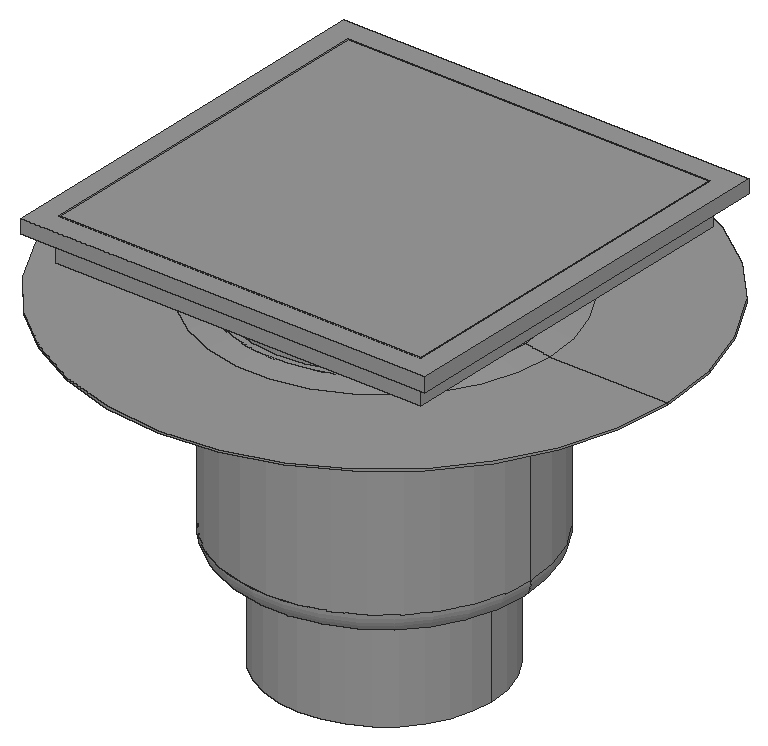
Revit family "ACO AUS Gully 218 Telescopic - Square Top - Vertical Outlet with Adhesive Flange - 300x3005", category Plumbing Fixtures, host Floor, Revit 2014
Parameters (values of type "142196 - Adjustable Height without FAT SS 304")
  Website = "www.acoaus.com.au"
  Watermarked By = "www.acoaus.com.au"
  Water Marked With = "BIM Manager Premium Suite"  # constant formula
  Water Mark 2 = "This file is water marked and users are prohibited to reproduce, adapt, distribute this information"  # constant formula
  Water Mark 1 = "This file is the property of ACO Passavant"  # constant formula
  Waste Connection = no
  Vertical 160 = yes
  Telephone = "+61 (2) 4747 4000"  # constant formula
  Square Size = 300.000 mm
  Seepage Water Removal Pipe End = -if(Square Size = 250.000 mm, 33.500 mm, 25.000 mm)  # -25.000 mm
  Product Type = "Point Drainage"  # constant formula
  Product Range = "ACO Gully 218"  # constant formula
  Product Code 413029 = "N/A"
  Product Code 413028 = "2.0 litre removable strainer - Stainless steel grade 304 - 0.9kg"
  Product Code 408236 = "N/A"
  Product Code 408233 = "N/A"
  Product Code 408226 = "Waterproof bonding flange - Stainless steel grade 304 - 2.5kg"
  Product Code 408223 = "0.7 litre removable strainer - Stainless steel grade 304 - 0.6kg"
  Product Code 142008 = "N/A"
  Product Code 142006 = "N/A"
  Product Code 142005 = "N/A"
  Product Code 142004 = "N/A"
  Product Code 142003 = "N/A"
  Product Code 142002 = "N/A"
  Price = "POA - contact ACO "  # constant formula
  Outlet Height = 74.000 mm
  Outlet Diameter (mm) = "160"  # constant formula
  Outlet = 78.500 mm
  Material = Stainless Steel AISI 304
  Manufacturer = "ACO Polycrete"  # constant formula
  Load Class = "A15 - C250 (EN 1253) and D210 (AS 3996)"  # constant formula
  Gully Weight (Kg) = "5"
  Gully Void Start [instance] = 0.000 mm  # constant formula
  Gully Void End = -244.000 mm
  Gully Top Size (mm) = "To suit 300x300 grates\r\n"  # constant formula
  Gully Top = yes
  Gully Recycled Material Content = "20 - 30 %"  # constant formula
  Gully Recyclable = "Fully Recyclable"  # constant formula
  Gully Product Description = "ACO Gully 218 adjustable height gully with integrated bonding flange - DN160 vertical outlet with square top section without FAT - grade 304"
  Gully Product Code = "142196"
  Gully Material = "Stainless steel grade 304"
  Gully Colour = "passivated stainless steel surface ( matt grey)"  # constant formula
  Grating product Code 416944 = "Load Class M125 (EN 1253) - Cast grate - Slip Resistant - Stainless steel grade 304 - 168x168x25 - 5.6kg"
  Grating product Code 416917 = "N/A"
  Grating product Code 416916 = "Load Class R50 (EN 1253) - Ladder grate - Slip Resistant - Stainless steel grade 304 - 268x268x25 - 3.5kg"
  Grating product Code 408145 = "N/A"
  Grating product Code 408137 = "N/A"
  Grating product Code 142010 = "Load Class L15 (EN 1253) - 5 Star grate -  Slip Resistant - Stainless steel grade 304 - 268x268x25 - 4.1kg"
  Grating Product Code 408141 = "N/A"
  Grating Product Code 408135 = "N/A"
  Grating Product Code 408134 = "N/A"
  Grating Product Code 408045 = "Load Class D210 (EN 1253) - Ladder grate - Plain - Stainless steel grade 304 - 268x268x25 - 6.2kg"
  Grating Product Code 408041 = "Load Class L15 (EN 1253) - Arla grate -  Slip Resistant - Stainless steel grade 304 - 268x268x25 - 1.8kg"
  Grating Product Code 408037 = "Load Class M125 (EN 1253) - Ladder grate - Slip Resistant - Stainless steel grade 304 - 168x168x25 - 4.3kg"
  Grating Product Code 408035 = "Load Class L15 (EN 1253) - Mesh grate - Plain - Stainless steel grade 304 - 268x268x25 - 2.1kg"
  Grating Product Code 408034 = "Load Class L15 (EN 1253) - Mesh grate -  Slip Resistant - Stainless steel grade 304 - 268x268x25 - 2.1kg"
  Foul Air Trap Seal Recycled Material Content = "N/A"
  Foul Air Trap Seal Recyclable = "N/A"
  Foul Air Trap Seal Material = "N/A"
  Foul Air Trap Seal Colour = "N/A"
  Flow Rate (l/s) = "27.1"
  416944 - 268 x 268mm - Cast Grating - Slip Resistant - Stainless Steel 304 [instance] = no
  416917 - 268 x 268mm - Ladder Grating - Slip Resistant - Stainless Steel 316 [instance] = no
  416916 - 268 x 268mm - Ladder Grating - Slip Resistant - Stainless Steel 304 [instance] = no
  413029 - 2.0 litre removable strainer - Stainless Steel 316 [instance] = no
  413028 - 2.0 litre removable strainer - Stainless Steel 304 [instance] = no
  408236 - Waterproof bonding flange - Stainless Steel 316 [instance] = no
  408233 - 0.7 litre removable strainer - Stainless Steel 316 [instance] = no
  408226 - Waterproof bonding flange - Stainless Steel 304 [instance] = no
  Grating 250 x 250mm = Square Size = 300.000 mm  # yes
  Floor to Gully Height [instance] = if(FFL To Gully Top Height > 91.000 mm, 91.000 mm, if(and(FFL To Gully Top Height > 62.000 mm, FFL To Gully Top Height < 92.000 mm), FFL To Gully Top Height, if(FFL To Gully Top Height < 62.000 mm, 62.000 mm, FFL To Gully Top Height)))  # 62.000 mm
  Floor Void End [instance] = -(Floor to Gully Height)  # -62.000 mm
  Fax = "+61 (2) 4747 4029"  # constant formula
  FFL To Gully Top Height [instance] = 50.000 mm
  E-mail Sales = "sales@acoaus.com.au"
  Address = "134-140 Old Bathurst Road, Emu Plains, NSW 2750, Australia\r\n"  # constant formula
  Foul Air Trap & Foul Air Trap Support Ring = no
  408223 - 0.7 litre removable strainer - Stainless Steel 304 [instance] = no
  408145 - 268 x 268mm - Ladder Grating - Plain - Stainless Steel 316 [instance] = no
  408141 - 268 x 268mm - Arla Grating - Slip Resistant - Stainless Steel 316 [instance] = no
  408137 - 268 x 268mm - Ladder Grating - Slip Resistant - Stainless Steel 316 [instance] = no
  408135 - 268 x 268mm - Mesh Grating - Plain - Stainless Steel 316 [instance] = no
  408134 - 268 x 268mm - Mesh Grating - Slip Resistant - Stainless Steel 316 [instance] = no
  408045 - 268 x 268mm - Ladder Grating - Plain - Stainless Steel 304 [instance] = no
  408041 - 268 x 268mm - Arla Grating - Slip Resistant - Stainless Steel 304 [instance] = no
  408037 - 268 x 268mm - Ladder Grating - Slip Resistant - Stainless steel 304 [instance] = no
  408035 - 268 x 268mm - Mesh Grating - Plain - Stainless Steel 304 [instance] = yes
  408034 - 268 x 268mm - Mesh Grating - Slip Resistant - Stainless Steel 304 [instance] = no
  142010 - 268 x 268mm - 5 star Grating - Slip Resistant - Stainless Steel 304 [instance] = no
  142008 - Fixed strainer to suit a 160mm outlet - Stainless Steel 316 [instance] = no
  142006 - Retention chain connecting removable FAT to grate - Stainless Steel 316 [instance] = no
  142005 - Retention chain connecting removable strainer to grate - Stainless Steel 316 [instance] = no
  142004 - Retention chain connecting to FAT to removable strainer -Stainless Steel 316 [instance] = no
  142003 - Retention chain connecting fixed strainer to removable strainer - Stainless Steel 316 [instance] = no
  142002 - Retention chain connecting fixed strainer to FAT - Stainless Steel 316 [instance] = no
Reference planes
  plane 1 "Center (Front/Back)": y = 0
  plane 2: z = 0
  plane 3 "Center (Left/Right)": x = 0
Forms (mm)
  Sweep 1, solid, material "Stainless Steel AISI 304" <- "Material", visible <- "Gully Top"
    path origin (0, 0, 0) x (1, 0, 0) y (0, 1, 0)
      loop
        line (-150, -150) -> (150, -150) -> (150, 150) -> (-150, 150) -> (-150, -150)
    profile origin (-150, 0, 0) x (-1, 0, 0) y (0, 0, 1)
      loop
        line (0, -10.364) -> (0, 0) -> (-16, 0) -> (-16, -29.864) -> (-42, -29.864) -> (-42, -44.35) -> (-100, -44.35) -> (-100, -45.35) -> (-41, -45.35) -> (-41, -30.864) -> (-14.75, -30.864) -> (-14.75, -10.364) -> (0, -10.364)
  Revolve 2, solid, material "Stainless Steel AISI 304" <- "Material", visible <- "Gully Top"
    sketch origin (0, 0, -10) x (1, 0, 0) y (0, 0, 1)
      loop
        arc (-104.105, -35.354) -> (-101.179, -36.797) -> (-99.997, -39.837) r 4.5
        line (-99.997, -39.837) -> (-99.997, -93.864) -> (-98.997, -93.864) -> (-98.997, -39.837)
        arc (-98.997, -39.837) -> (-100.443, -36.132) -> (-104.017, -34.385) r 5.47
        line (-104.017, -34.385) -> (-105.608, -34.35) -> (-105.608, -35.354) -> (-104.105, -35.354)
      axis (0, -93.864) -> (0, -34.35)
    angle from 0 to 360
  Extrusion 3, void
    sketch origin (-50, -50, -44.35) x (-1, 0, 0) y (0, 1, 0)
      loop
        circle (-50, 50) r 105.608
    from 0 to 2
  Extrusion 4, solid, material "Stainless Steel AISI 304" <- "Material", visible <- "Gully Top"
    sketch origin (0, 0, 0) x (1, 0, 0) y (0, 1, 0)
      loop
        line (-134, 134) -> (-134, -134) -> (134, -134) -> (134, 134) -> (-134, 134)
    from 0 to -30
  Extrusion 5, void
    sketch origin (0, 0, 0) x (1, 0, 0) y (0, 1, 0)
      loop
        line (-150, 150) -> (-150, -150) -> (150, -150) -> (150, 150) -> (-150, 150)
    from 0 to -62 <- "Floor Void End"
  Revolve 6, solid, material "Rubber, Nitrile", visible <- "Foul Air Trap & Foul Air Trap Support Ring"
    sketch origin (0, 0, 0) x (1, 0, 0) y (0, 0, 1)
      loop
        line (-90.995, -116.5) -> (-107.493, -116.5) -> (-107.493, -137.5) -> (-90.995, -137.5) -> (-90.995, -132) -> (-85.993, -132) -> (-85.993, -121.482) -> (-90.995, -121.482) -> (-90.995, -116.5)
      axis (0, -137.5) -> (0, -116.5)
    angle from 0 to 360
  Extrusion 7, void
    sketch origin (0, 0, -62) x (0, 1, 0) y (-1, 0, 0)
      loop
        circle (0, 0) r 210
    from 0 <- "Gully Void Start" to -244 <- "Gully Void End"
  Revolve 8, solid, material "Stainless Steel AISI 304" <- "Material", visible <- "Foul Air Trap & Foul Air Trap Support Ring"
    sketch origin (0, 0, 0) x (1, 0, 0) y (0, 0, 1)
      loop
        line (-91, -116.5) -> (-91, -119)
        arc (-91, -119) -> (-90.121, -121.121) -> (-88, -122) r 3
        line (-88, -122) -> (-81.5, -122)
        arc (-81.5, -122) -> (-67.358, -127.858) -> (-61.5, -142) r 20
        line (-61.5, -142) -> (-61.5, -147.036) -> (-60, -147.036) -> (-60, -142)
        arc (-60, -142) -> (-66.297, -126.797) -> (-81.5, -120.5) r 21.5
        line (-81.5, -120.5) -> (-88, -120.5)
        arc (-88, -120.5) -> (-89.061, -120.061) -> (-89.5, -119) r 1.5
        line (-89.5, -119) -> (-89.5, -116.5) -> (-91, -116.5)
      loop
        line (-84, -143.5) -> (-84, -173.5)
        arc (-84, -173.5) -> (-72.577, -201.077) -> (-45, -212.5) r 39
        line (-45, -212.5) -> (0, -212.5) -> (0, -211) -> (-45, -211)
        arc (-45, -211) -> (-71.517, -200.017) -> (-82.5, -173.5) r 37.5
        line (-82.5, -173.5) -> (-82.5, -143.5) -> (-84, -143.5)
      axis (0, -116.5) -> (0, -212.5)
    angle from 0 to 360
Cuts and joins
  Extrusion 3 cuts Sweep 1
Lines and regions (mm)
  model lines, visible <- "Grating 250 x 250mm", not visible
    curve 1: line (625.621, 158.755, 0.136) -> (625.621, -111.745, 0.136)
    curve 2: line (626.621, 158.755, 0.136) -> (626.621, -111.745, 0.136)
    curve 3: line (723.344, 158.755, 0.136) -> (723.344, -111.745, 0.136)
    curve 4: line (724.344, 158.755, 0.136) -> (724.344, -111.745, 0.136)
    curve 5: line (658.195, 158.755, 0.136) -> (658.195, -111.745, 0.136)
    curve 6: line (659.195, 158.755, 0.136) -> (659.195, -111.745, 0.136)
    curve 7: line (690.77, 158.755, 0.136) -> (690.77, -111.745, 0.136)
    curve 8: line (691.77, 158.755, 0.136) -> (691.77, -111.745, 0.136)
    curve 9: line (528.897, 158.755, 0.136) -> (528.897, -111.745, 0.136)
    curve 10: line (527.897, 158.755, 0.136) -> (527.897, -111.745, 0.136)
    curve 11: line (594.046, 158.755, 0.136) -> (594.046, -111.745, 0.136)
    curve 12: line (593.046, 158.755, 0.136) -> (593.046, -111.745, 0.136)
    curve 13: line (561.472, 158.755, 0.136) -> (561.472, -111.745, 0.136)
    curve 14: line (560.472, 158.755, 0.136) -> (560.472, -111.745, 0.136)
    curve 15: line (471.728, 42.147, 0.136) -> (742.228, 42.147, 0.136)
    curve 16: line (471.728, 43.147, 0.136) -> (742.228, 43.147, 0.136)
    curve 17: line (471.728, 139.871, 0.136) -> (742.228, 139.871, 0.136)
    curve 18: line (471.728, 140.871, 0.136) -> (742.228, 140.871, 0.136)
    curve 19: line (471.728, 74.722, 0.136) -> (742.228, 74.722, 0.136)
    curve 20: line (471.728, 75.722, 0.136) -> (742.228, 75.722, 0.136)
    curve 21: line (471.728, 107.296, 0.136) -> (742.228, 107.296, 0.136)
    curve 22: line (471.728, 108.296, 0.136) -> (742.228, 108.296, 0.136)
    curve 23: line (471.728, -54.577, 0.136) -> (742.228, -54.577, 0.136)
    curve 24: line (471.728, -55.577, 0.136) -> (742.228, -55.577, 0.136)
    curve 25: line (471.728, 10.573, 0.136) -> (742.228, 10.573, 0.136)
    curve 26: line (471.728, 9.573, 0.136) -> (742.228, 9.573, 0.136)
    curve 27: line (471.728, -22.002, 0.136) -> (742.228, -22.002, 0.136)
    curve 28: line (471.728, -23.002, 0.136) -> (742.228, -23.002, 0.136)
    curve 29: line (493.322, 158.755, 0.136) -> (493.322, -111.745, 0.136)
    curve 30: line (492.322, 158.755, 0.136) -> (492.322, -111.745, 0.136)
    curve 31: line (471.728, -90.152, 0.136) -> (742.228, -90.152, 0.136)
    curve 32: line (471.728, -91.152, 0.136) -> (742.228, -91.152, 0.136)
  model lines
    curve 33: line (-134, -101.295, 0) -> (134, -101.295, 0)
    curve 34: line (-134, -98.105, 0) -> (134, -98.105, 0)
    curve 35: line (-134, -61.415, 0) -> (134, -61.415, 0)
    curve 36: line (-134, -58.225, 0) -> (134, -58.225, 0)
    curve 37: line (-134, -21.535, 0) -> (134, -21.535, 0)
    curve 38: line (-134, -18.345, 0) -> (134, -18.345, 0)
    curve 39: line (-134, 18.345, 0) -> (134, 18.345, 0)
    curve 40: line (-134, 21.535, 0) -> (134, 21.535, 0)
    curve 41: line (-134, 58.225, 0) -> (134, 58.225, 0)
    curve 42: line (-134, 61.415, -62) -> (134, 61.415, -62)
    curve 43: line (-134, 98.105, 0) -> (134, 98.105, 0)
    curve 44: line (-134, 101.295, 0) -> (134, 101.295, 0)
    curve 45: line (-101.295, 134, 0) -> (-101.295, -134, 0)
    curve 46: line (-98.105, 134, 0) -> (-98.105, -134, 0)
    curve 47: line (-134, 61.415, 0) -> (134, 61.415, 0)
    curve 48: line (-61.415, 134, 0) -> (-61.415, -134, 0)
    curve 49: line (-58.225, 134, 0) -> (-58.225, -134, 0)
    curve 50: line (-21.535, 134, 0) -> (-21.535, -134, 0)
    curve 51: line (-18.345, 134, 0) -> (-18.345, -134, 0)
    curve 52: line (18.345, 134, 0) -> (18.345, -134, 0)
    curve 53: line (21.535, 134, 0) -> (21.535, -134, 0)
    curve 54: line (58.225, 134, 0) -> (58.225, -134, 0)
    curve 55: line (61.415, 134, 0) -> (61.415, -134, 0)
    curve 56: line (98.105, 134, 0) -> (98.105, -134, 0)
    curve 57: line (101.295, 134, 0) -> (101.295, -134, 0)
  model lines, not visible
    curve 58: line (-134, -101.295, -53) -> (134, -101.295, -53)
    curve 59: line (-134, -98.105, -53) -> (134, -98.105, -53)
    curve 60: line (-134, -61.415, -53) -> (134, -61.415, -53)
    curve 61: line (-134, -58.225, -53) -> (134, -58.225, -53)
    curve 62: line (-134, -21.535, -53) -> (134, -21.535, -53)
    curve 63: line (-134, -18.345, -53) -> (134, -18.345, -53)
    curve 64: line (-134, 18.345, -53) -> (134, 18.345, -53)
    curve 65: line (-134, 21.535, -53) -> (134, 21.535, -53)
    curve 66: line (-134, 58.225, -53) -> (134, 58.225, -53)
    curve 67: line (-134, 98.105, -53) -> (134, 98.105, -53)
    curve 68: line (-134, 101.295, -53) -> (134, 101.295, -53)
    curve 69: line (-101.295, 134, -53) -> (-101.295, -134, -53)
    curve 70: line (-98.105, 134, -53) -> (-98.105, -134, -53)
    curve 71: line (-134, 61.415, -53) -> (134, 61.415, -53)
    curve 72: line (-61.415, 134, -53) -> (-61.415, -134, -53)
    curve 73: line (-58.225, 134, -53) -> (-58.225, -134, -53)
    curve 74: line (-21.535, 134, -53) -> (-21.535, -134, -53)
    curve 75: line (-18.345, 134, -53) -> (-18.345, -134, -53)
    curve 76: line (18.345, 134, -53) -> (18.345, -134, -53)
    curve 77: line (21.535, 134, -53) -> (21.535, -134, -53)
    curve 78: line (58.225, 134, -53) -> (58.225, -134, -53)
    curve 79: line (61.415, 134, -53) -> (61.415, -134, -53)
    curve 80: line (98.105, 134, -53) -> (98.105, -134, -53)
    curve 81: line (101.295, 134, -53) -> (101.295, -134, -53)
    curve 82: line (-134, -101.295, 0) -> (134, -101.295, 0)
    curve 83: line (-134, -98.105, 0) -> (134, -98.105, 0)
    curve 84: line (-134, -61.415, 0) -> (134, -61.415, 0)
    curve 85: line (-134, -58.225, 0) -> (134, -58.225, 0)
    curve 86: line (-134, -21.535, 0) -> (134, -21.535, 0)
    curve 87: line (-134, -18.345, 0) -> (134, -18.345, 0)
    curve 88: line (-134, 18.345, 0) -> (134, 18.345, 0)
    curve 89: line (-134, 21.535, 0) -> (134, 21.535, 0)
    curve 90: line (-134, 58.225, 0) -> (134, 58.225, 0)
    curve 91: line (-134, 98.105, 0) -> (134, 98.105, 0)
    curve 92: line (-134, 101.295, 0) -> (134, 101.295, 0)
    curve 93: line (-101.295, 134, 0) -> (-101.295, -134, 0)
    curve 94: line (-98.105, 134, 0) -> (-98.105, -134, 0)
    curve 95: line (-134, 61.415, 0) -> (134, 61.415, 0)
    curve 96: line (-61.415, 134, 0) -> (-61.415, -134, 0)
    curve 97: line (-58.225, 134, 0) -> (-58.225, -134, 0)
    curve 98: line (-21.535, 134, 0) -> (-21.535, -134, 0)
    curve 99: line (-18.345, 134, 0) -> (-18.345, -134, 0)
    curve 100: line (18.345, 134, 0) -> (18.345, -134, 0)
    curve 101: line (21.535, 134, 0) -> (21.535, -134, 0)
    curve 102: line (58.225, 134, 0) -> (58.225, -134, 0)
    curve 103: line (61.415, 134, 0) -> (61.415, -134, 0)
    curve 104: line (98.105, 134, 0) -> (98.105, -134, 0)
    curve 105: line (101.295, 134, 0) -> (101.295, -134, 0)
Dimensions and locks
  equal spacing: Sweep 1 sketch curve, plane 3 "Center (Left/Right)", Sweep 1 sketch curve
  "Square Size": Sweep 1 sketch curve to Sweep 1 sketch curve  (x2)
  equal spacing: Sweep 1 sketch curve, plane 1 "Center (Front/Back)", Sweep 1 sketch curve
  Sweep 1 sketch curve to Sweep 1 sketch curve to Sweep 1 sketch curve to Sweep 1 sketch curve to Sweep 1 sketch curve to Sweep 1 sketch curve = 58.000 mm, 1.000 mm, 25.000 mm, 1.250 mm, 14.750 mm
  Sweep 1 sketch curve to Sweep 1 sketch curve to Sweep 1 sketch curve = 13.487 mm, 1.000 mm
  Sweep 1 sketch curve to Sweep 1 sketch curve = 1.000 mm
  Sweep 1 sketch curve to Sweep 1 sketch curve = 29.864 mm
  Revolve 2 sketch curve to Revolve 2 sketch curve to Revolve 2 sketch curve to Revolve 2 sketch curve to Revolve 2 sketch curve to Revolve 2 sketch curve to Revolve 2 sketch curve = 1.503 mm, 0.087 mm locked, 4.021 mm locked, 0.000 mm locked, 1.000 mm locked, 0.000 mm locked
  Revolve 2 sketch curve to Revolve 2 sketch curve to Revolve 2 sketch curve to Revolve 2 sketch curve to Revolve 2 sketch curve to Revolve 2 sketch curve to Revolve 2 sketch curve = 0.035 mm, 0.969 mm, 0.000 mm, 4.483 mm locked, 0.000 mm locked, 54.026 mm
  locked: cut or joined group of Sweep 1, Extrusion 3 to Revolve 2 at 59.513
  Extrusion 4 to nested 1 = 32.000 mm
  locked: cut or joined group of Sweep 1, Extrusion 3 to Revolve 2 sketch curve at 58.513
  Revolve 6 sketch curve to Revolve 6 sketch curve to Revolve 6 sketch curve to Revolve 6 sketch curve = 4.982 mm locked, 10.518 mm locked, 5.500 mm locked
  equal spacing: Revolve 6 sketch curve, Revolve 6 sketch curve, Revolve 6 sketch curve, Revolve 6 sketch curve
  "FFL To Gully Top Height": host floor to host floor
  Revolve 6 sketch curve to Revolve 6 sketch curve to Revolve 6 sketch curve to Revolve 6 sketch curve = 16.497 mm locked, 0.000 mm locked, 5.003 mm locked
  locked: nested 1 to Revolve 6 sketch curve at 54.5
  Revolve 8 sketch curve to Revolve 8 sketch curve to Revolve 8 sketch curve to Revolve 8 sketch curve to Revolve 8 sketch curve to Revolve 8 sketch curve to Revolve 8 sketch curve to Revolve 8 sketch curve to Revolve 8 sketch curve to Revolve 8 sketch curve to Revolve 8 sketch curve = 2.500 mm locked, 3.000 mm locked, 20.000 mm locked, 0.000 mm locked, 1.500 mm locked, 3.536 mm locked, 26.464 mm locked, 0.000 mm locked, 37.500 mm locked, 1.500 mm locked
  locked: nested 5 to Revolve 8 sketch curve at 150.5
  locked: nested 5 to Revolve 8 at 54.5
  locked: Revolve 6 to nested 4 at 54.5
  aligned and locked: level to plane 2
  aligned and locked: profile plane to Sweep 1 sketch curve
  aligned and locked: Extrusion 3 sketch curve to Revolve 2  (x2)
  aligned and locked: Extrusion 4 sketch curve to cut or joined group of Sweep 1, Extrusion 3  (x4)
  aligned and locked: Extrusion 5 sketch curve to cut or joined group of Sweep 1, Extrusion 3  (x4)
  aligned and locked: nested 2 to cut or joined group of Sweep 1, Extrusion 3
  aligned and locked: plane 3 "Center (Left/Right)" to nested 2
  aligned and locked: nested 3 to cut or joined group of Sweep 1, Extrusion 3
  aligned and locked: nested 3 to plane 1 "Center (Front/Back)"
  aligned and locked: nested 4 to plane 1 "Center (Front/Back)"
  aligned and locked: Extrusion 7 sketch curve to nested 1
  aligned and locked: plane 3 "Center (Left/Right)" to nested 5
  aligned and locked: nested 5 to nested 1
Automatic sketch dimensions
  Revolve 2 sketch curve to level = 0.000 mm
  Revolve 2 sketch curve to plane 3 "Center (Left/Right)" = 0.000 mm
  Revolve 2 sketch curve to plane 3 "Center (Left/Right)" = 98.997 mm
  level to Revolve 2 sketch curve = 25.000 mm
  curve 12 to curve 1 = 0.000 mm
  curve 10 to curve 12 = 0.000 mm
  curve 1 to curve 2 = 0.000 mm  (x2)
  curve 10 to curve 14 = 0.000 mm  (x2)
  curve 2 to curve 3 = 0.000 mm
  curve 14 to curve 13 = 0.000 mm  (x2)
  curve 3 to curve 4 = 0.000 mm  (x2)
  curve 30 to curve 10 = 0.000 mm
  curve 2 to curve 5 = 0.000 mm  (x2)
  curve 30 to curve 29 = 0.000 mm  (x2)
  curve 5 to curve 6 = 0.000 mm  (x2)
  curve 8 to curve 3 = 0.000 mm
  curve 7 to curve 8 = 0.000 mm  (x2)
  curve 12 to curve 11 = 0.000 mm  (x2)
  curve 10 to curve 9 = 0.000 mm  (x2)
  curve 30 to curve 32 = 20.594 mm
  curve 32 to curve 31 = 1.000 mm
  curve 31 to curve 24 = 34.575 mm
  curve 24 to curve 23 = 1.000 mm
  curve 23 to curve 28 = 31.575 mm
  curve 28 to curve 27 = 1.000 mm
  curve 27 to curve 26 = 31.575 mm
  curve 26 to curve 25 = 1.000 mm
  curve 25 to curve 15 = 31.575 mm
  curve 15 to curve 16 = 1.000 mm
  curve 16 to curve 19 = 31.575 mm
  curve 19 to curve 20 = 1.000 mm
  curve 20 to curve 21 = 31.575 mm
  curve 21 to curve 22 = 1.000 mm
  curve 22 to curve 17 = 31.575 mm
  curve 17 to curve 18 = 1.000 mm
  curve 18 to curve 14 = 17.884 mm
  curve 13 to curve 12 = 0.000 mm
  curve 18 to curve 8 = 17.884 mm
  curve 18 to curve 29 = 17.884 mm
  curve 6 to curve 7 = 0.000 mm
  curve 18 to curve 4 = 17.884 mm  (x2)
  curve 15 to curve 32 = 0.000 mm
  curve 17 to curve 15 = 0.000 mm
  curve 18 to curve 17 = 0.000 mm
  curve 19 to curve 15 = 0.000 mm
  curve 20 to curve 19 = 0.000 mm  (x2)
  curve 21 to curve 20 = 0.000 mm  (x2)
  curve 22 to curve 21 = 0.000 mm  (x2)
  curve 23 to curve 32 = 0.000 mm
  curve 24 to curve 23 = 0.000 mm
  curve 25 to curve 15 = 0.000 mm
  curve 26 to curve 25 = 0.000 mm  (x2)
  curve 27 to curve 26 = 0.000 mm  (x2)
  curve 28 to curve 27 = 0.000 mm  (x2)
  curve 31 to curve 32 = 0.000 mm
  curve 16 to curve 15 = 0.000 mm  (x2)
  curve 4 to curve 3 = 1.000 mm
  curve 3 to curve 8 = 31.575 mm
  curve 8 to curve 7 = 1.000 mm
  curve 7 to curve 6 = 31.575 mm
  curve 6 to curve 5 = 1.000 mm
  curve 5 to curve 2 = 31.575 mm
  curve 2 to curve 1 = 1.000 mm
  curve 1 to curve 11 = 31.575 mm
  curve 11 to curve 12 = 1.000 mm
  curve 12 to curve 13 = 31.575 mm
  curve 13 to curve 14 = 1.000 mm
  curve 14 to curve 9 = 31.575 mm
  curve 9 to curve 10 = 1.000 mm
  curve 10 to curve 29 = 34.575 mm
  curve 29 to curve 30 = 1.000 mm
  curve 30 to curve 25 = 20.594 mm
  curve 30 to curve 18 = 20.594 mm
  curve 19 to curve 25 = 0.000 mm
  curve 24 to curve 27 = 0.000 mm
  curve 15 to curve 25 = 0.000 mm
  curve 23 to curve 24 = 0.000 mm
  curve 31 to curve 24 = 0.000 mm
  curve 32 to curve 31 = 0.000 mm
  curve 17 to curve 18 = 0.000 mm
  Revolve 6 sketch curve to level = 0.000 mm
  Revolve 6 sketch curve to plane 3 "Center (Left/Right)" = 0.000 mm
  Revolve 6 sketch curve to plane 3 "Center (Left/Right)" = 85.993 mm
  level to Revolve 6 sketch curve = 25.000 mm
  curve 42 to nested 1 = 61.415 mm
  curve 42 to curve 42 = 268.000 mm
  Sweep 1 sketch curve to level = 0.000 mm
  Sweep 1 sketch curve to level = 10.364 mm
  Revolve 8 sketch curve to Revolve 8 sketch curve = 0.000 mm  (x4)
  Revolve 8 sketch curve to plane 3 "Center (Left/Right)" = 91.000 mm
  Revolve 8 sketch curve to Revolve 8 sketch curve = 1.500 mm
  Revolve 8 sketch curve to Revolve 8 sketch curve = 4.000 mm
  Revolve 8 sketch curve to Revolve 8 sketch curve = 1.000 mm
  Revolve 8 sketch curve to Revolve 8 sketch curve = 45.000 mm
  Revolve 8 sketch curve to Revolve 8 sketch curve = 81.500 mm
  Revolve 8 sketch curve to level = 37.179 mm
  Revolve 8 sketch curve to Revolve 8 sketch curve = 10.000 mm
Nested families
  nested 1: "Vertical Gully Outlet" at (0, 0, 0), type "408057 - Telescopic - Vertical Outlet Ø - 110mm"
  nested 2: "Gully Top Detail Element" at (0, 0, 0) x (1, 0, 0) z (0, -1, 0), visible <- "Gully Top", type "Front & Rare"
  nested 3: "Gully Top Detail Element" at (0, 0, 0) x (0, 1, 0) z (1, 0, 0), visible <- "Gully Top", type "Left &  Right"
  nested 4: "Gully Detail Vertical" at (0, 0, -62) x (0, 1, 0) z (1, 0, 0), visible <- "Vertical 160", type "Vertical Outlet Gully 160"
  nested 5: "Gully Detail Vertical" at (0, 0, -62) x (1, 0, 0) z (0, -1, 0), type "Vertical Outlet Gully 160"
Connectors
  piping at (0, 0, -306), diameter 160
    settings: on nested 1, index 1, connector inside diameter 110 mm, connector length 0.000 mm, flow factor 0, pipe flow 0.0 L/s, pressure drop 0.0 Pa, fitting loss kfactor 0, connector angle 0.00°, fixture units 0, engagement length 0.000 mm, angle of deflection 0.00°, flow configuration 0, flow direction 0, fitting loss method 0, system type 16, joint type 0, gender type 0, connector reference index -1, connector utility 0, adjustable connector no, is connector primary yes, connector description ""
Definition of nested family "Vertical Gully Outlet"
  Parameters (values of type "408057 - Telescopic - Vertical Outlet Ø - 110mm")
    Vertical Void Radius = 78.500 mm
    Vertical Outlet = yes
    Type Comments = "﻿﻿  ﻿         ​    ﻿            ​            ​      ﻿      ﻿   ​     ﻿    ﻿   ​      ﻿​             ﻿         ​  ﻿      ​ ​    ​      ​  ​      ​       ​      ​            ﻿        ​      ﻿      ﻿       ﻿        ​    ​​ ​ ​​​ ​    ​﻿ ​​​         ﻿﻿                          ​﻿                         ﻿     ​                      ​         ​ ﻿       ​   ​              ​       ​  ​               ﻿         ​​                                 ​       ​                 ﻿          ﻿   ​​ ​          ﻿ ​             ﻿﻿"
    Top Plate Radius = 210.000 mm
    Vertical Height from Floor = 62.000 mm
    Outlet Height = 74.000 mm
    Keynote = "﻿﻿  ﻿         ​    ﻿            ​            ​      ﻿      ﻿   ​     ﻿    ﻿   ​      ﻿​             ﻿         ​  ﻿      ​ ​    ​      ​  ​      ​       ​      ​            ﻿        ​      ﻿      ﻿       ﻿        ​    ​​ ​ ​​​ ​    ​﻿ ​​​         ﻿﻿                          ​﻿                         ﻿     ​                      ​         ​ ﻿       ​   ​              ​       ​  ​               ﻿         ​​                                 ​       ​                 ﻿          ﻿   ​​ ​          ﻿ ​             ﻿﻿"
    Gully Height = if(Vertical Outlet, 170.000 mm, 0.000 mm)  # 170.000 mm
    Description = "﻿﻿  ﻿         ​    ﻿            ​            ​      ﻿      ﻿   ​     ﻿    ﻿   ​      ﻿​             ﻿         ​  ﻿      ​ ​    ​      ​  ​      ​       ​      ​            ﻿        ​      ﻿      ﻿       ﻿        ​    ​​ ​ ​​​ ​    ​﻿ ​​​         ﻿﻿                          ​﻿                         ﻿     ​                      ​         ​ ﻿       ​   ​              ​       ​  ​               ﻿         ​​                                 ​       ​                 ﻿          ﻿   ​​ ​          ﻿ ​             ﻿﻿"
    Assembly Code = "D"
  Types (2, lengths in mm): name | Vertical Height from Floor
    408057 - Telescopic - Vertical Outlet Ø - 110mm | 62.000
    408057 - Telescopic - Vertical Outlet Ø - 160mm | 150.000
  Reference planes
    plane 1 "Center (Front/Back)": y = 0
    plane 2: z = 0
    plane 3 "Center (Left/Right)": x = 0
    plane 4: z = -171
  Forms (mm)
    Revolve 1, solid, material "Stainless Steel AISI 304"
      sketch origin (0, 0, 0) x (1, 0, 0) y (0, 0, 1)
        loop
          line (-78.5, -230.5) -> (-92.5, -230.5)
          arc (-92.5, -230.5) -> (-103.107, -226.107) -> (-107.5, -215.5) r 15
          line (-107.5, -215.5) -> (-107.5, -62) -> (-210, -62) -> (-210, -63.5) -> (-109, -63.5) -> (-109, -215.5)
          arc (-109, -215.5) -> (-104.167, -227.167) -> (-92.5, -232) r 16.5
          line (-92.5, -232) -> (-78.5, -232) -> (-78.5, -230.5)
        axis (0, -232) -> (0, -62)
      angle from 0 to 360
    Revolve 2, solid, material "Stainless Steel AISI 304", visible <- "Vertical Outlet"
      sketch origin (0, 0, 0) x (1, 0, 0) y (0, 0, 1)
        loop
          line (-78.5, -306) -> (-78.5, -232) -> (-80, -232) -> (-80, -306) -> (-78.5, -306)
        axis (0, -306) -> (0, -232)
      angle from 0 to 360
    Revolve 3, solid, material "Rubber, Nitrile"
      sketch origin (0, 0, 0) x (1, 0, 0) y (0, 0, 1)
        loop
          line (-122.5, -62) -> (-107.5, -62) -> (-107.5, -83) -> (-100, -83) -> (-100, -59.659) -> (-104.943, -59.659) -> (-122.5, -62)
        axis (0, -83) -> (0, -59.659)
      angle from 0 to 360
  Dimensions and locks
    plane 3 "Center (Left/Right)" to Revolve 1 sketch curve to Revolve 1 sketch curve = 107.500 mm, 1.500 mm locked
    "Vertical Height from Floor": host floor to Revolve 1 sketch curve
    Revolve 1 sketch curve to Revolve 1 sketch curve to Revolve 1 sketch curve to Revolve 1 sketch curve = 0.000 mm locked, 15.000 mm locked, 1.500 mm locked
    "Gully Height": Revolve 1 sketch curve to Revolve 1 sketch curve
    "Vertical Void Radius": plane 3 "Center (Left/Right)" to Revolve 1 sketch curve
    "Outlet Height": Revolve 2 sketch curve to Revolve 2 sketch curve
    locked: Revolve 2 sketch curve to Revolve 2 sketch curve at 1.5
    "Vertical Void Radius": plane 3 "Center (Left/Right)" to Revolve 2 sketch curve
    locked: Revolve 1 to Revolve 2 sketch curve at 1.5
    "Top Plate Radius": plane 3 "Center (Left/Right)" to Revolve 1 sketch curve
    locked: Revolve 1 sketch curve to Revolve 1 sketch curve at 1.5
    locked: Revolve 3 sketch curve to Revolve 3 sketch curve at 15
    locked: Revolve 1 to Revolve 3 at 21
    locked: Revolve 3 sketch curve to Revolve 3 sketch curve at 21
    aligned and locked: level to plane 2
  Automatic sketch dimensions
    Revolve 3 sketch curve to plane 4 = 88.000 mm
    Revolve 3 sketch curve to plane 3 "Center (Left/Right)" = 0.000 mm
    Revolve 3 sketch curve to plane 3 "Center (Left/Right)" = 100.000 mm
    Revolve 3 sketch curve to Revolve 3 sketch curve = 7.500 mm
    Revolve 3 sketch curve to Revolve 3 sketch curve = 2.557 mm
    Revolve 3 sketch curve to level = 39.000 mm
    Revolve 3 sketch curve to level = 14.000 mm
    Revolve 3 sketch curve to Revolve 3 sketch curve = 2.341 mm
    Revolve 1 sketch curve to plane 3 "Center (Left/Right)" = 0.000 mm
    level to Revolve 1 sketch curve = 200.000 mm
    Revolve 1 sketch curve to Revolve 1 sketch curve = 20.000 mm
    Revolve 2 sketch curve to level = 0.000 mm
    Revolve 2 sketch curve to plane 3 "Center (Left/Right)" = 0.000 mm
    level to Revolve 2 sketch curve = 10.000 mm
Definition of nested family "Gully Top Detail Element"
  Parameters (values of type "Front & Rare")
    Type Comments = ""
    Support Moving Domenssion = if(Square Size = 200.000 mm, 86.500 mm, if(Square Size = 300.000 mm, 136.500 mm, 25.000 mm))  # 136.500 mm
    Square Size = 300.000 mm
    L & R = no
    Keynote = ""
    Grating Depth = if(Square Size = 200.000 mm, 25.000 mm, if(Square Size = 300.000 mm, 30.000 mm, 25.000 mm))  # 30.000 mm
    F & R = yes
    Assembly Code = "D"
  Types (2, lengths in mm): name | L & R | F & R
    Front & Rare | no | yes
    Left &  Right | yes | no
  Reference planes
    plane 1 "Center (Front/Back)": y = 0
    plane 2: z = 0
    plane 3 "Center (Left/Right)": x = 0
  Lines and regions (mm)
    detail lines, in view "Ref. Level"
      curve 1: line (-148, 0, 0) -> (148, 0, 0)
      curve 2: line (-150, -10.5, 0) -> (150, -10.5, 0)
      curve 3: line (-150, -10.5, 0) -> (-150, -1, 0)
      curve 4: line (150, -1, 0) -> (150, -10.5, 0)
      curve 5: arc (-148, 0, 0) -> (-149.118, -0.264, 0) -> (-150, -1, 0) r 2.5
      curve 6: arc (148, 0, 0) -> (149.118, -0.264, 0) -> (150, -1, 0) r 2.5
      curve 7: line (-135.25, -31, 0) -> (-135.25, -10.5, 0)
      curve 8: line (135.25, -10.5, 0) -> (135.25, -31, 0)
      curve 9: line (-109, -45.5, 0) -> (-7.794, -45.5, 0)
      curve 11: line (-100, -104, 0) -> (-100, -49.983, 0)
      curve 12: arc (-100, -49.983, 0) -> (-101.182, -46.943, 0) -> (-104.108, -45.5, 0) r 4.5
      curve 13: line (100, -49.983, 0) -> (100, -104, 0)
      curve 14: arc (104.108, -45.5, 0) -> (101.182, -46.943, 0) -> (100, -49.983, 0) r 4.5
      curve 15: line (100, -104, 0) -> (-100, -104, 0)
      curve 16: line (7.794, -45.5, 0) -> (109, -45.5, 0)
      curve 155: line (-7.794, -45.5, 0) -> (7.794, -45.5, 0)
      curve 177: line (-109, -31, 0) -> (-109, -45.5, 0)
      curve 178: line (109, -31, 0) -> (109, -45.5, 0)
      curve 179: line (-135.25, -31, 0) -> (-109, -31, 0)
      curve 180: line (109, -31, 0) -> (135.25, -31, 0)
    detail lines, in view "Ref. Level", detail levels medium+fine
      curve 10: line (-109, -44, 0) -> (-8.485, -44, 0)
      curve 17: line (8.485, -44, 0) -> (109, -44, 0)
      curve 156: line (-8.485, -44, 0) -> (8.485, -44, 0)
    detail lines, in view "Ref. Level", detail levels fine
      curve 18: arc (-12.5, -144.737, 0) -> (0, -150.75, 0) -> (12.5, -144.737, 0) r 16
      curve 19: circle (0, -138.25, 0) r 6 normal (0, 0, 1)
      curve 20: line (12.5, -144.737, 0) -> (12.5, -104, 0)
      curve 21: line (-12.5, -144.737, 0) -> (-12.5, -104, 0)
      curve 82: arc (-182.081, -30.543, 0) -> (-177.485, -32.447, 0) -> (-172.889, -30.543, 0) r 6.5
      curve 83: arc (-201.88, -29.836, 0) -> (-197.991, -31.447, 0) -> (-194.102, -29.836, 0) r 5.5
      curve 84: arc (-202.587, -30.543, 0) -> (-197.991, -32.447, 0) -> (-193.395, -30.543, 0) r 6.5
      curve 85: arc (-223.093, -30.543, 0) -> (-218.497, -32.447, 0) -> (-213.901, -30.543, 0) r 6.5
      curve 86: arc (-223.093, -30.543, 0) -> (-218.497, -32.447, 0) -> (-213.901, -30.543, 0) r 6.5
      curve 87: line (-222.386, -29.836, 0) -> (-224.861, -27.361, 0)
      curve 88: line (-225.568, -28.068, 0) -> (-223.093, -30.543, 0)
      curve 89: arc (-224.861, -27.361, 0) -> (-226.645, -26.169, 0) -> (-228.75, -25.75, 0) r 5.5
      curve 90: arc (-225.568, -28.068, 0) -> (-227.028, -27.093, 0) -> (-228.75, -26.75, 0) r 4.5
      curve 91: line (-253.25, -26.75, 0) -> (-228.75, -26.75, 0)
      curve 92: line (-253.25, -25.75, 0) -> (-228.75, -25.75, 0)
      curve 93: line (-167.232, -26.75, 0) -> (-135.25, -26.75, 0)
      curve 94: arc (-167.232, -26.75, 0) -> (-168.954, -27.093, 0) -> (-170.414, -28.068, 0) r 4.5
      curve 95: arc (-167.232, -25.75, 0) -> (-169.336, -26.169, 0) -> (-171.121, -27.361, 0) r 5.5
      curve 96: line (-172.889, -30.543, 0) -> (-170.414, -28.068, 0)
      curve 97: line (-171.121, -27.361, 0) -> (-173.596, -29.836, 0)
      curve 98: arc (-181.374, -29.836, 0) -> (-177.485, -31.447, 0) -> (-173.596, -29.836, 0) r 5.5
      curve 99: arc (-182.081, -30.543, 0) -> (-177.485, -32.447, 0) -> (-172.889, -30.543, 0) r 6.5
      curve 100: line (-147.25, -26.75, 0) -> (-147.25, -25.75, 0)
      curve 101: line (-184.556, -28.068, 0) -> (-182.081, -30.543, 0)
      curve 102: line (-181.374, -29.836, 0) -> (-183.849, -27.361, 0)
      curve 103: arc (-183.849, -27.361, 0) -> (-187.738, -25.75, 0) -> (-191.627, -27.361, 0) r 5.5
      curve 104: arc (-184.556, -28.068, 0) -> (-187.738, -26.75, 0) -> (-190.92, -28.068, 0) r 4.5
      curve 105: line (-191.627, -27.361, 0) -> (-194.102, -29.836, 0)
      curve 106: line (-193.395, -30.543, 0) -> (-190.92, -28.068, 0)
      curve 107: line (-205.062, -28.068, 0) -> (-202.587, -30.543, 0)
      curve 108: line (-201.88, -29.836, 0) -> (-204.355, -27.361, 0)
      curve 109: arc (-205.062, -28.068, 0) -> (-208.244, -26.75, 0) -> (-211.426, -28.068, 0) r 4.5
      curve 110: arc (-204.355, -27.361, 0) -> (-208.244, -25.75, 0) -> (-212.133, -27.361, 0) r 5.5
      curve 111: line (-212.133, -27.361, 0) -> (-214.608, -29.836, 0)
      curve 112: line (-213.901, -30.543, 0) -> (-211.426, -28.068, 0)
      curve 113: arc (182.081, -30.543, 0) -> (177.485, -32.447, 0) -> (172.889, -30.543, 0) r 6.5
      curve 114: arc (201.88, -29.836, 0) -> (197.991, -31.447, 0) -> (194.102, -29.836, 0) r 5.5
      curve 115: arc (202.587, -30.543, 0) -> (197.991, -32.447, 0) -> (193.395, -30.543, 0) r 6.5
      curve 116: arc (223.093, -30.543, 0) -> (218.497, -32.447, 0) -> (213.901, -30.543, 0) r 6.5
      curve 117: arc (223.093, -30.543, 0) -> (218.497, -32.447, 0) -> (213.901, -30.543, 0) r 6.5
      curve 118: line (222.386, -29.836, 0) -> (224.861, -27.361, 0)
      curve 119: line (225.568, -28.068, 0) -> (223.093, -30.543, 0)
      curve 120: arc (224.861, -27.361, 0) -> (226.645, -26.169, 0) -> (228.75, -25.75, 0) r 5.5
      curve 121: arc (225.568, -28.068, 0) -> (227.028, -27.093, 0) -> (228.75, -26.75, 0) r 4.5
      curve 122: line (167.232, -26.75, 0) -> (135.25, -26.75, 0)
      curve 123: arc (167.232, -26.75, 0) -> (168.954, -27.093, 0) -> (170.414, -28.068, 0) r 4.5
      curve 124: arc (167.232, -25.75, 0) -> (169.336, -26.169, 0) -> (171.121, -27.361, 0) r 5.5
      curve 125: line (172.889, -30.543, 0) -> (170.414, -28.068, 0)
      curve 126: line (171.121, -27.361, 0) -> (173.596, -29.836, 0)
      curve 127: arc (181.374, -29.836, 0) -> (177.485, -31.447, 0) -> (173.596, -29.836, 0) r 5.5
      curve 128: arc (182.081, -30.543, 0) -> (177.485, -32.447, 0) -> (172.889, -30.543, 0) r 6.5
      curve 129: line (147.25, -26.75, 0) -> (147.25, -25.75, 0)
      curve 130: line (184.556, -28.068, 0) -> (182.081, -30.543, 0)
      curve 131: line (181.374, -29.836, 0) -> (183.849, -27.361, 0)
      curve 132: arc (183.849, -27.361, 0) -> (187.738, -25.75, 0) -> (191.627, -27.361, 0) r 5.5
      curve 133: arc (184.556, -28.068, 0) -> (187.738, -26.75, 0) -> (190.92, -28.068, 0) r 4.5
      curve 134: line (191.627, -27.361, 0) -> (194.102, -29.836, 0)
      curve 135: line (193.395, -30.543, 0) -> (190.92, -28.068, 0)
      curve 136: line (205.062, -28.068, 0) -> (202.587, -30.543, 0)
      curve 137: line (201.88, -29.836, 0) -> (204.355, -27.361, 0)
      curve 138: arc (205.062, -28.068, 0) -> (208.244, -26.75, 0) -> (211.426, -28.068, 0) r 4.5
      curve 139: arc (204.355, -27.361, 0) -> (208.244, -25.75, 0) -> (212.133, -27.361, 0) r 5.5
      curve 140: line (212.133, -27.361, 0) -> (214.608, -29.836, 0)
      curve 141: line (213.901, -30.543, 0) -> (211.426, -28.068, 0)
      curve 142: line (-253.25, -25.75, 0) -> (-253.25, -26.75, 0)
      curve 143: line (-247.237, -26.75, 0) -> (-247.237, -25.75, 0)
      curve 146: line (253.25, -26.75, 0) -> (228.75, -26.75, 0)
      curve 147: line (253.25, -25.75, 0) -> (228.75, -25.75, 0)
      curve 148: line (253.25, -25.75, 0) -> (253.25, -26.75, 0)
      curve 149: line (247.237, -26.75, 0) -> (247.237, -25.75, 0)
      curve 157: arc (-222.386, -29.836, 0) -> (-218.497, -31.447, 0) -> (-214.608, -29.836, 0) r 5.5
      curve 159: arc (222.386, -29.836, 0) -> (218.497, -31.447, 0) -> (214.608, -29.836, 0) r 5.5
      curve 161: line (-135.25, -25.75, 0) -> (-167.232, -25.75, 0)
      curve 162: line (-135.25, -26.75, 0) -> (-135.25, -16.75, 0)
      curve 163: line (-136.25, -26.75, 0) -> (-136.25, -16.75, 0)
      curve 164: line (-136.25, -16.75, 0) -> (-135.25, -16.75, 0)
      curve 169: line (135.25, -25.75, 0) -> (167.232, -25.75, 0)
      curve 170: line (135.25, -26.75, 0) -> (135.25, -16.75, 0)
      curve 171: line (136.25, -26.75, 0) -> (136.25, -16.75, 0)
      curve 172: line (135.25, -16.75, 0) -> (136.25, -16.75, 0)
    detail lines, in view "Ref. Level", not visible, detail levels fine
      curve 22: arc (-310.641, -582.151, 0) -> (-306.045, -584.055, 0) -> (-301.449, -582.151, 0) r 6.5
      curve 23: arc (-330.44, -581.444, 0) -> (-326.551, -583.055, 0) -> (-322.662, -581.444, 0) r 5.5
      curve 24: arc (-331.148, -582.151, 0) -> (-326.551, -584.055, 0) -> (-321.955, -582.151, 0) r 6.5
      curve 25: arc (-351.654, -582.151, 0) -> (-347.057, -584.055, 0) -> (-342.461, -582.151, 0) r 6.5
      curve 26: arc (-351.654, -582.151, 0) -> (-347.057, -584.055, 0) -> (-342.461, -582.151, 0) r 6.5
      curve 27: line (-350.947, -581.444, 0) -> (-353.421, -578.969, 0)
      curve 28: line (-354.129, -579.677, 0) -> (-351.654, -582.151, 0)
      curve 29: arc (-353.421, -578.969, 0) -> (-355.206, -577.777, 0) -> (-357.311, -577.359, 0) r 5.5
      curve 30: arc (-354.129, -579.677, 0) -> (-355.588, -578.701, 0) -> (-357.311, -578.359, 0) r 4.5
      curve 31: line (-381.811, -578.359, 0) -> (-357.311, -578.359, 0)
      curve 32: line (-381.811, -577.359, 0) -> (-357.311, -577.359, 0)
      curve 33: line (-295.792, -578.359, 0) -> (-263.811, -578.359, 0)
      curve 34: arc (-295.792, -578.359, 0) -> (-297.514, -578.701, 0) -> (-298.974, -579.677, 0) r 4.5
      curve 35: arc (-295.792, -577.359, 0) -> (-297.897, -577.777, 0) -> (-299.681, -578.969, 0) r 5.5
      curve 36: line (-301.449, -582.151, 0) -> (-298.974, -579.677, 0)
      curve 37: line (-299.681, -578.969, 0) -> (-302.156, -581.444, 0)
      curve 38: arc (-309.934, -581.444, 0) -> (-306.045, -583.055, 0) -> (-302.156, -581.444, 0) r 5.5
      curve 39: arc (-310.641, -582.151, 0) -> (-306.045, -584.055, 0) -> (-301.449, -582.151, 0) r 6.5
      curve 40: line (-275.811, -578.359, 0) -> (-275.811, -577.359, 0)
      curve 41: line (-313.116, -579.677, 0) -> (-310.641, -582.151, 0)
      curve 42: line (-309.934, -581.444, 0) -> (-312.409, -578.969, 0)
      curve 43: arc (-312.409, -578.969, 0) -> (-316.298, -577.359, 0) -> (-320.187, -578.969, 0) r 5.5
      curve 44: arc (-313.116, -579.677, 0) -> (-316.298, -578.359, 0) -> (-319.48, -579.677, 0) r 4.5
      curve 45: line (-320.187, -578.969, 0) -> (-322.662, -581.444, 0)
      curve 46: line (-321.955, -582.151, 0) -> (-319.48, -579.677, 0)
      curve 47: line (-333.622, -579.677, 0) -> (-331.148, -582.151, 0)
      curve 48: line (-330.44, -581.444, 0) -> (-332.915, -578.969, 0)
      curve 49: arc (-333.622, -579.677, 0) -> (-336.804, -578.359, 0) -> (-339.986, -579.677, 0) r 4.5
      curve 50: arc (-332.915, -578.969, 0) -> (-336.804, -577.359, 0) -> (-340.694, -578.969, 0) r 5.5
      curve 51: line (-340.694, -578.969, 0) -> (-343.168, -581.444, 0)
      curve 52: line (-342.461, -582.151, 0) -> (-339.986, -579.677, 0)
      curve 53: arc (-163.368, -582.151, 0) -> (-167.964, -584.055, 0) -> (-172.56, -582.151, 0) r 6.5
      curve 54: arc (-143.569, -581.444, 0) -> (-147.458, -583.055, 0) -> (-151.347, -581.444, 0) r 5.5
      curve 55: arc (-142.862, -582.151, 0) -> (-147.458, -584.055, 0) -> (-152.054, -582.151, 0) r 6.5
      curve 56: arc (-122.356, -582.151, 0) -> (-126.952, -584.055, 0) -> (-131.548, -582.151, 0) r 6.5
      curve 57: arc (-122.356, -582.151, 0) -> (-126.952, -584.055, 0) -> (-131.548, -582.151, 0) r 6.5
      curve 58: line (-123.063, -581.444, 0) -> (-120.588, -578.969, 0)
      curve 59: line (-119.881, -579.677, 0) -> (-122.356, -582.151, 0)
      curve 60: arc (-120.588, -578.969, 0) -> (-118.804, -577.777, 0) -> (-116.699, -577.359, 0) r 5.5
      curve 61: arc (-119.881, -579.677, 0) -> (-118.421, -578.701, 0) -> (-116.699, -578.359, 0) r 4.5
      curve 62: line (-178.217, -578.359, 0) -> (-210.199, -578.359, 0)
      curve 63: arc (-178.217, -578.359, 0) -> (-176.495, -578.701, 0) -> (-175.035, -579.677, 0) r 4.5
      curve 64: arc (-178.217, -577.359, 0) -> (-176.112, -577.777, 0) -> (-174.328, -578.969, 0) r 5.5
      curve 65: line (-172.56, -582.151, 0) -> (-175.035, -579.677, 0)
      curve 66: line (-174.328, -578.969, 0) -> (-171.853, -581.444, 0)
      curve 67: arc (-164.075, -581.444, 0) -> (-167.964, -583.055, 0) -> (-171.853, -581.444, 0) r 5.5
      curve 68: arc (-163.368, -582.151, 0) -> (-167.964, -584.055, 0) -> (-172.56, -582.151, 0) r 6.5
      curve 69: line (-198.199, -578.359, 0) -> (-198.199, -577.359, 0)
      curve 70: line (-160.893, -579.677, 0) -> (-163.368, -582.151, 0)
      curve 71: line (-164.075, -581.444, 0) -> (-161.6, -578.969, 0)
      curve 72: arc (-161.6, -578.969, 0) -> (-157.711, -577.359, 0) -> (-153.822, -578.969, 0) r 5.5
      curve 73: arc (-160.893, -579.677, 0) -> (-157.711, -578.359, 0) -> (-154.529, -579.677, 0) r 4.5
      curve 74: line (-153.822, -578.969, 0) -> (-151.347, -581.444, 0)
      curve 75: line (-152.054, -582.151, 0) -> (-154.529, -579.677, 0)
      curve 76: line (-140.387, -579.677, 0) -> (-142.862, -582.151, 0)
      curve 77: line (-143.569, -581.444, 0) -> (-141.094, -578.969, 0)
      curve 78: arc (-140.387, -579.677, 0) -> (-137.205, -578.359, 0) -> (-134.023, -579.677, 0) r 4.5
      curve 79: arc (-141.094, -578.969, 0) -> (-137.205, -577.359, 0) -> (-133.316, -578.969, 0) r 5.5
      curve 80: line (-133.316, -578.969, 0) -> (-130.841, -581.444, 0)
      curve 81: line (-131.548, -582.151, 0) -> (-134.023, -579.677, 0)
      curve 144: line (-381.811, -577.359, 0) -> (-381.811, -578.359, 0)
      curve 145: line (-375.798, -578.359, 0) -> (-375.798, -577.359, 0)
      curve 150: line (-92.199, -578.359, 0) -> (-116.699, -578.359, 0)
      curve 151: line (-92.199, -577.359, 0) -> (-116.699, -577.359, 0)
      curve 152: line (-92.199, -577.359, 0) -> (-92.199, -578.359, 0)
      curve 153: line (-98.211, -578.359, 0) -> (-98.211, -577.359, 0)
      curve 158: arc (-350.947, -581.444, 0) -> (-347.057, -583.055, 0) -> (-343.168, -581.444, 0) r 5.5
      curve 160: arc (-123.063, -581.444, 0) -> (-126.952, -583.055, 0) -> (-130.841, -581.444, 0) r 5.5
      curve 165: line (-263.811, -577.359, 0) -> (-295.792, -577.359, 0)
      curve 166: line (-263.811, -578.359, 0) -> (-263.811, -568.359, 0)
      curve 167: line (-264.811, -578.359, 0) -> (-264.811, -568.359, 0)
      curve 168: line (-264.811, -568.359, 0) -> (-263.811, -568.359, 0)
      curve 173: line (-210.199, -577.359, 0) -> (-178.217, -577.359, 0)
      curve 174: line (-210.199, -578.359, 0) -> (-210.199, -568.359, 0)
      curve 175: line (-209.199, -578.359, 0) -> (-209.199, -568.359, 0)
      curve 176: line (-210.199, -568.359, 0) -> (-209.199, -568.359, 0)
    detail lines, in view "Ref. Level", detail levels coarse
      curve 154: line (-104.108, -45.5, 0) -> (104.108, -45.5, 0)
Definition of nested family "Gully Detail Vertical"
  Parameters (values of type "Vertical Outlet Gully 160")
    Vertical 160 = yes
    Vertical 110 = no
    Type Comments = "﻿﻿  ﻿         ​    ﻿            ​            ​      ﻿      ﻿   ​     ﻿    ﻿   ​      ﻿​             ﻿         ​  ﻿      ​ ​    ​      ​  ​      ​       ​      ​            ﻿        ​      ﻿      ﻿       ﻿        ​    ​​ ​ ​​​ ​    ​﻿ ​​​         ﻿﻿                          ​﻿                         ﻿     ​                      ​         ​ ﻿       ​   ​              ​       ​  ​               ﻿         ​​                                 ​       ​                 ﻿          ﻿   ​​ ​          ﻿ ​             ﻿﻿"
    Top Piece Height = 170.000 mm
    Top Dia = 218.000 mm
    Top Connecting Plate Dia = 420.000 mm
    Keynote = "﻿﻿  ﻿         ​    ﻿            ​            ​      ﻿      ﻿   ​     ﻿    ﻿   ​      ﻿​             ﻿         ​  ﻿      ​ ​    ​      ​  ​      ​       ​      ​            ﻿        ​      ﻿      ﻿       ﻿        ​    ​​ ​ ​​​ ​    ​﻿ ​​​         ﻿﻿                          ​﻿                         ﻿     ​                      ​         ​ ﻿       ​   ​              ​       ​  ​               ﻿         ​​                                 ​       ​                 ﻿          ﻿   ​​ ​          ﻿ ​             ﻿﻿"
    Botttom Piece Height = 98.000 mm
    Bottom Outlet Dia = 160.000 mm
    Assembly Code = "D"
    A or B = 58.903 mm
  Types (3, lengths in mm): name | Vertical 160 | Vertical 110 | Top Connecting Plate Dia | Botttom Piece Height | Assembly Code
    Vertical Outlet Gully 110 | yes | no | 418.000 | 98.000 | "D"
    Vertical Outlet Gully 160 | yes | no | 420.000 | 98.000 | "D"
    Vertical Outlet Gully | no | yes | 418.000 | 93.000 | "﻿﻿  ﻿         ​    ﻿            ​            ​      ﻿      ﻿   ​     ﻿    ﻿   ​      ﻿​             ﻿         ​  ﻿      ​ ​    ​      ​  ​      ​       ​      ​            ﻿        ​      ﻿      ﻿       ﻿        ​    ​​ ​ ​​​ ​    ​﻿ ​​​         ﻿﻿                          ​﻿                         ﻿     ​                      ​         ​ ﻿       ​   ​              ​       ​  ​               ﻿         ​​                                 ​       ​                 ﻿          ﻿   ​​ ​          ﻿ ​             ﻿﻿"
  Reference planes
    plane 1 "Center (Front/Back)": y = 0
    plane 2: z = 0
    plane 3 "Center (Left/Right)": x = 0
  Lines and regions (mm)
    detail lines, in view "Ref. Level"
      curve 1: line (-210, 0, 0) -> (210, 0, 0)
      curve 2: line (210, 0, 0) -> (210, -1.5, 0)
      curve 4: line (-210, -1.5, 0) -> (-210, 0, 0)
      curve 22: line (92.5, -170, 0) -> (-92.5, -170, 0)
    detail lines, in view "Ref. Level", detail levels medium+fine
      curve 3: line (210, -1.5, 0) -> (-210, -1.5, 0)
      curve 5: arc (111, -1.5, 0) -> (109.586, -2.086, 0) -> (109, -3.5, 0) r 2
      curve 6: line (-109, -58.903, 0) -> (-109, -3.5, 0)
      curve 7: line (109, -58.903, 0) -> (109, -3.5, 0)
      curve 8: arc (107.25, -61.934, 0) -> (108.531, -60.653, 0) -> (109, -58.903, 0) r 3.5
      curve 9: line (105.69, -62.835, 0) -> (107.25, -61.934, 0)
      curve 10: arc (105.69, -62.835, 0) -> (104.44, -65, 0) -> (105.69, -67.165, 0) r 2.5
      curve 11: line (105.69, -67.165, 0) -> (107.25, -68.066, 0)
      curve 12: arc (109, -71.097, 0) -> (108.531, -69.347, 0) -> (107.25, -68.066, 0) r 3.5
      curve 13: line (109, -153.5, 0) -> (109, -71.097, 0)
      curve 14: arc (92.5, -170, 0) -> (104.167, -165.167, 0) -> (109, -153.5, 0) r 16.5
      curve 15: arc (-109, -58.903, 0) -> (-108.531, -60.653, 0) -> (-107.25, -61.934, 0) r 3.5
      curve 16: line (-105.69, -62.835, 0) -> (-107.25, -61.934, 0)
      curve 17: arc (-105.69, -67.165, 0) -> (-104.44, -65, 0) -> (-105.69, -62.835, 0) r 2.5
      curve 18: line (-105.69, -67.165, 0) -> (-107.25, -68.066, 0)
      curve 19: arc (-107.25, -68.066, 0) -> (-108.531, -69.347, 0) -> (-109, -71.097, 0) r 3.5
      curve 20: line (-109, -153.5, 0) -> (-109, -71.097, 0)
      curve 21: arc (-109, -153.5, 0) -> (-104.167, -165.167, 0) -> (-92.5, -170, 0) r 16.5
      curve 30: arc (-111, -1.5, 0) -> (-109.586, -2.086, 0) -> (-109, -3.5, 0) r 2
    detail lines, in view "Ref. Level", detail levels fine
      curve 23: line (-109, -58.903, 0) -> (109, -58.903, 0)
      curve 24: line (-109, -71.097, 0) -> (109, -71.097, 0)
      curve 48: line (-104.44, -65, 0) -> (104.44, -65, 0)
    detail lines, in view "Ref. Level", detail levels coarse
      curve 25: line (210, -1.5, 0) -> (210, -66, 0)
      curve 26: line (-210, -1.5, 0) -> (-210, -170, 0)
      curve 27: line (-61.416, -170, 0) -> (-210, -170, 0)
      curve 28: line (210, -66, 0) -> (210, -170, 0)
      curve 29: line (60.795, -170, 0) -> (210, -170, 0)
    detail lines, in view "Ref. Level", visible <- "Vertical 160", detail levels medium+fine
      curve 31: arc (-80.5, -175, 0) -> (-82.543, -171.417, 0) -> (-86.416, -170, 0) r 6
      curve 32: line (-80, -178.017, 0) -> (-80, -175, 0)
      curve 35: arc (86.416, -170, 0) -> (82.543, -171.417, 0) -> (80.5, -175, 0) r 6
      curve 36: line (80, -178.017, 0) -> (80, -175, 0)
      curve 39: line (-78.501, -244, 0) -> (-80, -238.009, 0)
      curve 42: line (80, -238.536, 0) -> (78.536, -244, 0)
      curve 47: line (-80.5, -175, 0) -> (80.5, -175, 0)
    detail lines, in view "Ref. Level", visible <- "Vertical 160"
      curve 33: line (-80, -238.009, 0) -> (-80, -212, 0)
      curve 34: line (-80, -212, 0) -> (-80, -175, 0)
      curve 37: line (80, -238.536, 0) -> (80, -212, 0)
      curve 38: line (80, -212, 0) -> (80, -175, 0)
      curve 45: line (55, -244, 0) -> (-78.501, -244, 0)
      curve 46: line (55, -244, 0) -> (78.536, -244, 0)
    detail lines, in view "Ref. Level", visible <- "Vertical 160", detail levels coarse
      curve 40: line (-80, -238.009, 0) -> (-80, -244, 0)
      curve 41: line (-80, -244, 0) -> (-78.501, -244, 0)
      curve 43: line (80, -238.536, 0) -> (80, -244, 0)
      curve 44: line (78.536, -244, 0) -> (80, -244, 0)
      curve 49: line (-80, -175, 0) -> (-80, -170, 0)
      curve 50: line (80, -175, 0) -> (80, -170, 0)
    detail lines, in view "Ref. Level", visible <- "Vertical 160", detail levels fine
      curve 51: line (-79.837, -238.66, 0) -> (79.967, -238.66, 0)
  Dimensions and locks
    equal spacing: curve 4, plane 3 "Center (Left/Right)", curve 2
    "Top Connecting Plate Dia": curve 4 to curve 2
    equal spacing: curve 6, plane 3 "Center (Left/Right)", curve 7
    curve 6 to curve 7 = 218.000 mm
    equal spacing: curve 22, curve 24, curve 23, curve 3, curve 1
    "Top Piece Height": curve 22 to curve 1
    curve 15 to curve 16 to curve 17 to curve 17 to curve 17 to curve 19 to curve 20 = 3.031 mm locked, 0.901 mm locked, 2.165 mm locked, 2.165 mm locked, 0.901 mm locked, 3.031 mm locked
    "A or B": curve 23 to plane 1 "Center (Front/Back)"
    curve 8 to curve 10 to curve 11 to curve 13 = 3.932 mm locked, 4.330 mm locked, 3.932 mm locked
    aligned and locked: curve 2 to curve 25
    aligned and locked: curve 22 to curve 26
    aligned and locked: curve 29 to curve 22
    aligned and locked: curve 25 to curve 28
    aligned and locked: curve 33 to curve 34
    aligned and locked: curve 37 to curve 38
  Automatic sketch dimensions
    plane 1 "Center (Front/Back)" to curve 2 = 0.000 mm
    curve 30 to curve 6 = 2.000 mm
    curve 24 to curve 6 = 0.000 mm
    curve 6 to curve 16 = 1.750 mm
    curve 19 to curve 18 = 1.750 mm
    curve 18 to curve 17 = 0.310 mm
    curve 18 to curve 18 = 1.560 mm
    curve 21 to curve 22 = 16.500 mm
    curve 21 to curve 31 = 6.084 mm
    curve 31 to curve 47 = 5.916 mm
    curve 31 to curve 33 = 6.416 mm
    curve 40 to curve 45 = 1.499 mm
    plane 3 "Center (Left/Right)" to curve 46 = 55.000 mm
    curve 45 to curve 42 = 23.536 mm
    curve 42 to curve 44 = 1.464 mm
    curve 38 to curve 47 = 0.500 mm
    curve 47 to curve 35 = 5.916 mm
    curve 35 to curve 14 = 6.084 mm
    curve 12 to curve 7 = 3.500 mm
    curve 8 to curve 7 = 3.500 mm
    curve 12 to curve 11 = 0.190 mm
    curve 8 to curve 9 = 0.190 mm
    curve 9 to curve 10 = 1.250 mm
    curve 10 to curve 11 = 1.560 mm
    plane 1 "Center (Front/Back)" to curve 9 = 61.934 mm
    curve 11 to curve 24 = 1.750 mm
    curve 5 to curve 5 = 2.000 mm
    curve 47 to curve 49 = 5.000 mm
    curve 37 to curve 35 = 36.000 mm
    curve 34 to curve 31 = 36.000 mm
    curve 40 to curve 33 = 26.009 mm
    curve 43 to curve 37 = 26.536 mm
    curve 44 to curve 37 = 5.464 mm
    plane 1 "Center (Front/Back)" to curve 25 = 66.000 mm
    plane 1 "Center (Front/Back)" to curve 7 = 3.500 mm
    curve 32 to curve 34 = 0.000 mm
    curve 49 to curve 32 = 0.000 mm
    curve 33 to curve 51 = 0.163 mm
    curve 49 to curve 27 = 18.584 mm
    curve 29 to curve 38 = 19.205 mm
    curve 50 to curve 38 = 0.000 mm
    curve 36 to curve 38 = 0.000 mm
    curve 36 to curve 36 = 3.017 mm
    curve 32 to curve 32 = 3.017 mm
    curve 10 to curve 48 = 2.165 mm
